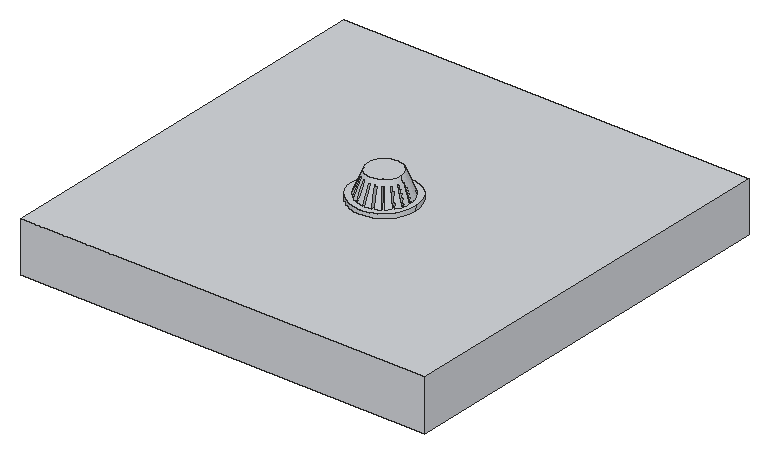
Revit family "M_Dreno de telhado", category Equipamento mecânico, Revit 2019
Family settings
  Hospedeiro = Face
  Cota do conector redondo = Usar raio
  Tipo de parte = Normal
  Número OmniClass = 23.70.50.24.17
  Título OmniClass = Siphonic Drains
  ID de item do Seek = Roof Drain-0000-CAN-ENU
  Corte com vazios quando carregada = Não
  Compartilhado = Não
  Ponto de cálculo do ambiente = Não
Parameters (values of type "Filtro de 380 mm - Dreno de 200 mm")
  Raio da tubulação = 100 mm
  Diâmetro da tubulação = Raio da tubulação * 2  # 200 mm
  Material de dreno de telhado = none
  Material da tubulação = none
  Raio total = 190 mm
  Diâmetro total = Raio total * 2  # 380 mm
  Default Elevation = 0 mm
  Assembly Code = ""
Reference planes
  plane 1 "Centro (Frente/Trás)": y = 0
  plane 2: z = 0
  plane 3 "Centro (Esquerda/Direita)": x = 0
Forms (mm)
  Extrusion 1, solid
    sketch origin (0, 0, 0) x (1, 0, 0) y (0, 1, 0)
      loop
        line (-1219.2, 1219.2) -> (-1219.2, -1219.2) -> (1219.2, -1219.2) -> (1219.2, 1219.2) -> (-1219.2, 1219.2)
    from 0 to -304.8
  Extrusion 2, solid, material <- "Material da tubulação"
    sketch origin (0, 0, 0) x (1, 0, 0) y (0, 1, 0)
      loop
        circle (0, 0) r 100
    from -426.698 to 0
  Extrusion 3, solid, material <- "Material de dreno de telhado"
    sketch origin (0, 0, 0) x (1, 0, 0) y (0, 1, 0)
      loop
        circle (0, 0) r 190
    from 0 to 25.4
  Blend 4, solid, material <- "Material de dreno de telhado"
    base sketch origin (0, 0, 0) x (1, 0, 0) y (0, 1, 0)
      loop
        circle (0, 0) r 152.4
    top sketch origin (0, 0, 0) x (1, 0, 0) y (0, 1, 0)
      loop
        circle (0, 0) r 101.6
    from 25.4 to 158.75
  Extrusion 5, void
    sketch origin (38.175, 0, 0) x (1, 0, 0) y (0, 1, 0)
      loop
        line (-44.525, 177.8) -> (-44.525, -172.255) -> (-31.825, -172.255) -> (-31.825, 177.8) -> (-44.525, 177.8)
    from 25.4 to 130.364
  Extrusion 6, void
    sketch origin (32.513, 22.968, 0) x (0.809017, 0.587785, 0) y (-0.587785, 0.809017, 0)
      loop
        line (-44.525, 177.8) -> (-44.525, -172.255) -> (-31.825, -172.255) -> (-31.825, 177.8) -> (-44.525, 177.8)
    from 25.4 to 130.364
  Extrusion 7, void
    sketch origin (24.681, 32.027, 0) x (0.587785, 0.809017, 0) y (-0.809017, 0.587785, 0)
      loop
        line (-44.525, 177.8) -> (-44.525, -172.255) -> (-31.825, -172.255) -> (-31.825, 177.8) -> (-44.525, 177.8)
    from 25.4 to 130.364
  Extrusion 8, void
    sketch origin (14.433, 38.222, 0) x (0.309017, 0.951057, 0) y (-0.951057, 0.309017, 0)
      loop
        line (-44.525, 177.8) -> (-44.525, -172.255) -> (-31.825, -172.255) -> (-31.825, 177.8) -> (-44.525, 177.8)
    from 25.4 to 130.364
  Extrusion 9, void
    sketch origin (2.772, 40.947, 0) x (0, 1, 0) y (-1, 0, 0)
      loop
        line (-44.525, 177.8) -> (-44.525, -172.255) -> (-31.825, -172.255) -> (-31.825, 177.8) -> (-44.525, 177.8)
    from 25.4 to 130.364
  Extrusion 10, void
    sketch origin (-9.16, 39.935, 0) x (-0.309017, 0.951057, 0) y (-0.951057, -0.309017, 0)
      loop
        line (-44.525, 177.8) -> (-44.525, -172.255) -> (-31.825, -172.255) -> (-31.825, 177.8) -> (-44.525, 177.8)
    from 25.4 to 130.364
  Extrusion 11, void
    sketch origin (-20.196, 35.286, 0) x (-0.587785, 0.809017, 0) y (-0.809017, -0.587785, 0)
      loop
        line (-44.525, 177.8) -> (-44.525, -172.255) -> (-31.825, -172.255) -> (-31.825, 177.8) -> (-44.525, 177.8)
    from 25.4 to 130.364
  Extrusion 12, void
    sketch origin (-29.254, 27.454, 0) x (-0.809017, 0.587785, 0) y (-0.587785, -0.809017, 0)
      loop
        line (-44.525, 177.8) -> (-44.525, -172.255) -> (-31.825, -172.255) -> (-31.825, 177.8) -> (-44.525, 177.8)
    from 25.4 to 130.364
  Extrusion 13, void
    sketch origin (-35.45, 17.206, 0) x (-0.951057, 0.309017, 0) y (-0.309017, -0.951057, 0)
      loop
        line (-44.525, 177.8) -> (-44.525, -172.255) -> (-31.825, -172.255) -> (-31.825, 177.8) -> (-44.525, 177.8)
    from 25.4 to 130.364
  Extrusion 14, void
    sketch origin (37.163, 11.932, 0) x (0.951057, 0.309017, 0) y (-0.309017, 0.951057, 0)
      loop
        line (-44.525, 177.8) -> (-44.525, -172.255) -> (-31.825, -172.255) -> (-31.825, 177.8) -> (-44.525, 177.8)
    from 25.4 to 130.364
Cuts and joins
  Extrusion 5, Extrusion 6, Extrusion 7, Extrusion 8, Extrusion 9, Extrusion 10, Extrusion 11, Extrusion 12, Extrusion 13, Extrusion 14 cuts Blend 4
  Extrusion 5, Extrusion 6, Extrusion 7, Extrusion 8, Extrusion 9, Extrusion 10, Extrusion 11, Extrusion 12, Extrusion 13, Extrusion 14 cuts Extrusion 2
  Extrusion 5, Extrusion 6, Extrusion 7, Extrusion 8, Extrusion 9, Extrusion 10, Extrusion 11, Extrusion 12, Extrusion 13, Extrusion 14 cuts Extrusion 3
Dimensions and locks
  "Raio da tubulação": radius of Extrusion 2 sketch curve
  "Raio total": radius of Extrusion 3 sketch curve
  aligned and locked: plane 2 to Extrusion 1
  aligned and locked: level to Extrusion 1
  aligned and locked: Blend 4 to Extrusion 3
  aligned and locked: level to Extrusion 2
  aligned and locked: plane 1 "Centro (Frente/Trás)" to Extrusion 3 sketch curve
  aligned and locked: plane 3 "Centro (Esquerda/Direita)" to Extrusion 3 sketch curve
Automatic sketch dimensions
  Extrusion 2 sketch curve to plane 1 "Centro (Frente/Trás)" = 0 mm
  Extrusion 2 sketch curve to plane 3 "Centro (Esquerda/Direita)" = 0 mm
  Blend 4 sketch curve to plane 1 "Centro (Frente/Trás)" = 0 mm  (x2)
  Blend 4 sketch curve to plane 3 "Centro (Esquerda/Direita)" = 0 mm  (x2)
  Extrusion 5 sketch curve to plane 3 "Centro (Esquerda/Direita)" = 6.35 mm
  plane 3 "Centro (Esquerda/Direita)" to Extrusion 5 sketch curve = 6.35 mm
  plane 1 "Centro (Frente/Trás)" to Extrusion 5 sketch curve = 172.255 mm
  Extrusion 5 sketch curve to plane 1 "Centro (Frente/Trás)" = 177.8 mm
  plane 3 "Centro (Esquerda/Direita)" to Extrusion 6 sketch curve = 97.741 mm
  plane 1 "Centro (Frente/Trás)" to Extrusion 6 sketch curve = 142.561 mm
  Extrusion 6 sketch curve to Extrusion 6 sketch curve = 12.7 mm
  Extrusion 6 sketch curve to Extrusion 6 sketch curve = 350.055 mm
  plane 1 "Centro (Frente/Trás)" to Extrusion 7 sketch curve = 105.244 mm
  plane 3 "Centro (Esquerda/Direita)" to Extrusion 7 sketch curve = 137.868 mm
  Extrusion 7 sketch curve to Extrusion 7 sketch curve = 12.7 mm
  Extrusion 7 sketch curve to Extrusion 7 sketch curve = 350.055 mm
  plane 1 "Centro (Frente/Trás)" to Extrusion 8 sketch curve = 57.353 mm
  plane 3 "Centro (Esquerda/Direita)" to Extrusion 8 sketch curve = 164.499 mm
  Extrusion 8 sketch curve to Extrusion 8 sketch curve = 12.7 mm
  Extrusion 8 sketch curve to Extrusion 8 sketch curve = 350.055 mm
  plane 1 "Centro (Frente/Trás)" to Extrusion 9 sketch curve = 3.578 mm
  Extrusion 9 sketch curve to plane 1 "Centro (Frente/Trás)" = 9.122 mm
  plane 3 "Centro (Esquerda/Direita)" to Extrusion 9 sketch curve = 175.028 mm
  Extrusion 9 sketch curve to plane 3 "Centro (Esquerda/Direita)" = 175.028 mm
  Extrusion 10 sketch curve to plane 1 "Centro (Frente/Trás)" = 50.82 mm
  plane 3 "Centro (Esquerda/Direita)" to Extrusion 10 sketch curve = 168.423 mm
  Extrusion 10 sketch curve to Extrusion 10 sketch curve = 12.7 mm
  Extrusion 10 sketch curve to Extrusion 10 sketch curve = 350.055 mm
  Extrusion 11 sketch curve to plane 1 "Centro (Frente/Trás)" = 100.514 mm
  plane 3 "Centro (Esquerda/Direita)" to Extrusion 11 sketch curve = 145.333 mm
  Extrusion 11 sketch curve to Extrusion 11 sketch curve = 12.7 mm
  Extrusion 11 sketch curve to Extrusion 11 sketch curve = 350.055 mm
  plane 3 "Centro (Esquerda/Direita)" to Extrusion 12 sketch curve = 108.016 mm
  Extrusion 12 sketch curve to plane 1 "Centro (Frente/Trás)" = 140.64 mm
  Extrusion 12 sketch curve to Extrusion 12 sketch curve = 12.7 mm
  Extrusion 12 sketch curve to Extrusion 12 sketch curve = 350.055 mm
  plane 3 "Centro (Esquerda/Direita)" to Extrusion 13 sketch curve = 60.126 mm
  Extrusion 13 sketch curve to plane 1 "Centro (Frente/Trás)" = 167.271 mm
  Extrusion 13 sketch curve to Extrusion 13 sketch curve = 12.7 mm
  Extrusion 13 sketch curve to Extrusion 13 sketch curve = 350.055 mm
  plane 3 "Centro (Esquerda/Direita)" to Extrusion 14 sketch curve = 48.047 mm
  plane 1 "Centro (Frente/Trás)" to Extrusion 14 sketch curve = 165.651 mm
  Extrusion 14 sketch curve to Extrusion 14 sketch curve = 12.7 mm
  Extrusion 14 sketch curve to Extrusion 14 sketch curve = 350.055 mm
  Extrusion 1 sketch curve to Extrusion 1 sketch curve = 2438.4 mm  (x2)
  radius of Blend 4 sketch curve = 152.4 mm
  radius of Blend 4 sketch curve = 101.6 mm
Connectors
  piping at (0, 0, -426.698), diameter 200, driven by "Raio da tubulação"
    settings: on cut or joined group of Extrusion 2, Extrusion 5, Extrusion 6, Extrusion 7, Extrusion 8, Extrusion 9, Extrusion 10, Extrusion 11, Extrusion 12, Extrusion 13, Extrusion 14, index 1, connector inside diameter 200 mm, connector length 0 mm, flow factor 0, pipe flow 0.0 L/s, pressure drop 0.0 Pa, fitting loss kfactor 0, connector angle 0.00°, fixture units 0, engagement length 0 mm, angle of deflection 0.00°, flow configuration 1, flow direction 2, fitting loss method 0, system type 16, joint type 0, gender type 0, connector reference index -1, connector utility 0, adjustable connector no, is connector primary yes, connector description "Saída"
